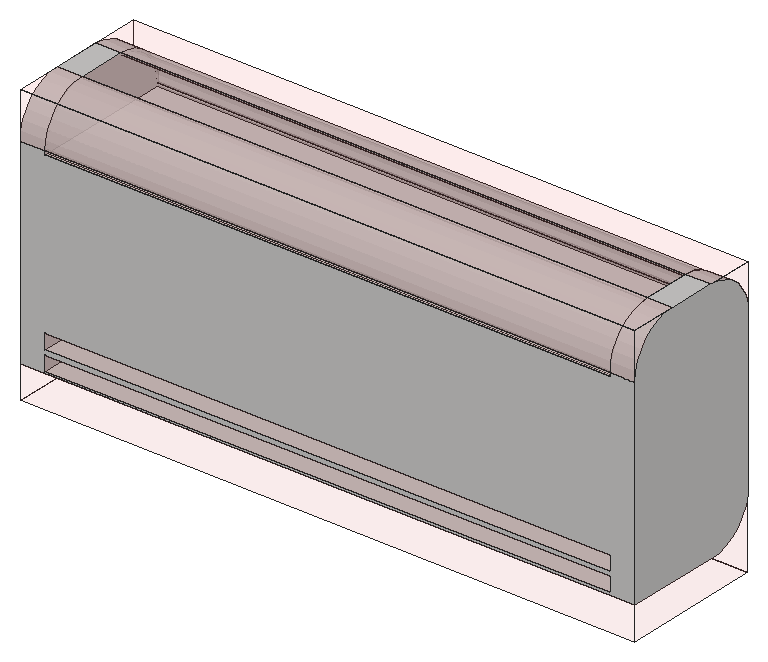
Revit family "Air-Curtain_Climate-Control_PoweredAire_EVE-Unheated", category Mechanical Equipment, host Face, Revit 2025
Family settings
  Host = Face
  Round Connector Dimension = Use Diameter
  Part Type = Normal
  OmniClass Number = 23.75.35.17.21
  OmniClass Title = Air Curtains
  Cut with Voids When Loaded = No
  Maintain Annotation Orientation = No
  Shared = No
  Room Calculation Point = No
Parameters
  Warranty Duration (Years) = 0
  Unit Width Notes = "Other Widths available."  # constant formula
  Unit Width = 3' - 1"
  Unit Weight = 59
  Unit Height = 0' - 8 1/2"  # constant formula
  Unit Depth = 1' - 2 205/256"  # constant formula
  URL = "http://www.poweredaire.com/"
  Test Data = ""
  Temperature Rise_Range = "27"
  Standards Conformance = "ETL  ;  Made in USA"
  Specification = "http://www.arcat.com/sdspecs/htm04/23_34_33pai.htm"
  SpecWizard = ""
  Sound Pressure = "53 dBA"
  Sales Information = "https://poweredaire.com/contact"
  Revision = ""
  Projection from Host [instance] = 0' - 2"
  Product Properties = ""
  Product Data = "http://www.arcat.com/arcatcos/cos47/arc47623.html"
  Power Rating = 0 W
  Outlet Volume_Range = "961 CFM"
  Outlet Velocity_Range = "1316 FPM"
  Nozzle Width = 2' - 11"
  Mounting Width = Unit Width - 0' 1"  # 3' - 0"
  Mounting Height [instance] = 3' - 6"
  Motor RPM = 1075
  Motor HP = 0.2
  Motor Count = 1
  Model = "EVE-1-36E"
  Max Height = 12' - 0"
  Manufacturer Website = "http://www.poweredaire.com/"
  Manufacturer Phone - Toll Free = "888-321-2473"
  Manufacturer Phone = "724-588-3305"
  Manufacturer Fax = "724-588-3371"
  Manufacturer Address = "109 Mortensen Rd.  Greenville, PA 16125"
  Manufacturer = "Powered Aire, Inc"
  Maintenance Schedule (Months) = 0
  Keynote = "23 34 33"
  Installation-Fabrication = ""
  Installation Phase = ""
  Include Clearance [instance] = yes
  Heating Element Load = 0 W
  HVAC_Temperature Rise [instance] = 0 °F
  HVAC_Outlet Volume [instance] = 0 CFM
  HVAC_Outlet Velocity Uniformity = 0.87
  HVAC_Outlet Velocity [instance] = 0 FPM
  Green Building-LEED = "http://www.arcat.com/green/clients/leed_data_47623.html"
  Front Grating Material [instance] = Metal - Steel - PoweredAire - Stainless 304 Perforated
  Frame Finish [instance] = Metal - Steel - PoweredAire - Stainless 304
  Expected Lifespan (Years) = 0
  Electrical_Wattage [instance] = Power Rating + Heating Element Load  # 0 W
  Electrical_Voltage [instance] = 0 V
  Electrical_Phase [instance] = 2
  Electrical_Frequency [instance] = 0 Hz
  Electrical_Amperage [instance] = 0 A
  Drawn By = ""
  Description = "Powered Aire Electrically Heated Climate Control Air Curtain - EVE-1-36E as Specified"
  Default Elevation = 0' - 0"  # constant formula
  Copyright = "©Arcat Inc."
  Construction Details = "http://www.arcat.com/details/powair/prod3336.html"
  Clearance_Top [instance] = 0' - 0"
  Clearance_Side B [instance] = 0' - 0"
  Clearance_Side A [instance] = 0' - 0"
  Clearance_Intake [instance] = 0' - 0"
  Clearance_Bottom [instance] = 0' - 0"
  Clearance Material [instance] = ARCAT Clearance
  Building Codes = ""
  Available Options [instance] = "as Specified"
  Assembly Code = "D3090400"
Reference planes (in)
  plane 1 "Center (Elevation)": y = 0.13818
  plane 2: z = 0
  plane 3 "Center (Left/Right)": x = 0
  plane 4: y = 4.38818
  plane 5: y = -4.11182
  plane 6: x = -18.5
  plane 7: x = 18.5
  plane 8: z = 16.80078
  plane 9 "FF": y = -41.86182
  plane 10: z = 2
  plane 11: x = 17
  plane 12: x = -17
  plane 13 "CL-3": y = 4.38818
  plane 14 "CL-2": y = -4.11182
  plane 15: x = -18.5
  plane 16: x = 18.5
  plane 17 "CL-1": z = 16.80078
  plane 18: z = 13.80078
Forms (in)
  Extrusion 1, solid, material "Metal - Steel - PoweredAire - Stainless 304" <- "Frame Finish"
    sketch origin (0, 0, 0) x (0, 1, 0) y (0, 0, 1)
      loop
        line (-4.11182, 14) -> (-4.11182, 2) -> (1.58818, 2)
        arc (1.58818, 2) -> (3.56808, 2.8201) -> (4.38818, 4.8) r 2.8
        line (4.38818, 4.8) -> (4.38818, 14)
        arc (4.38818, 14) -> (3.56808, 15.9799) -> (1.58818, 16.8) r 2.8
        line (1.58818, 16.8) -> (-1.31182, 16.80078)
        arc (-1.31182, 16.80078) -> (-3.29172, 15.9799) -> (-4.11182, 14) r 2.8
    from 17 to 18.5
  Extrusion 2, solid, material "Metal - Steel - PoweredAire - Stainless 304 Perforated" <- "Front Grating Material"
    sketch origin (0, 0, 0) x (0, 1, 0) y (0, 0, 1)
      loop
        arc (-1.31182, 16.8) -> (-3.29172, 15.9799) -> (-4.11182, 14) r 2.8
        line (-4.11182, 14) -> (-4.11182, 13.80078) -> (-3.98682, 13.80078) -> (-3.98682, 14)
        arc (-3.98682, 14) -> (-3.20333, 15.89151) -> (-1.31182, 16.675) r 2.675
        line (-1.31182, 16.675) -> (1.58818, 16.67578)
        arc (1.58818, 16.67578) -> (3.47969, 15.89151) -> (4.26318, 14) r 2.675
        line (4.26318, 14) -> (4.26318, 13.80078) -> (4.38818, 13.80078) -> (4.38818, 14)
        arc (4.38818, 14) -> (3.56808, 15.9799) -> (1.58818, 16.8) r 2.8
        line (1.58818, 16.8) -> (-1.31182, 16.8)
    from -17 to 17
  Extrusion 3, solid, material "ARCAT Clearance" <- "Clearance Material", visible <- "Include Clearance"
    sketch origin (0, 0, 0) x (0, 1, 0) y (0, 0, 1)
      loop
        line (-4.11182, 16.80078) -> (-4.11182, 0) -> (4.38818, 0) -> (4.38818, 16.80078) -> (-4.11182, 16.80078)
    from -18.5 to 18.5
  Extrusion 4, solid, material "Metal - Steel - PoweredAire - Stainless 304" <- "Frame Finish"
    sketch origin (0, 0, 0) x (0, 1, 0) y (0, 0, 1)
      loop
        line (-4.11182, 14) -> (-4.11182, 2) -> (1.58818, 2)
        arc (1.58818, 2) -> (3.56808, 2.8201) -> (4.38818, 4.8) r 2.8
        line (4.38818, 4.8) -> (4.38818, 14)
        arc (4.38818, 14) -> (3.56808, 15.9799) -> (1.58818, 16.8) r 2.8
        line (1.58818, 16.8) -> (-1.31182, 16.80078)
        arc (-1.31182, 16.80078) -> (-3.29172, 15.9799) -> (-4.11182, 14) r 2.8
    from -18.5 to -17
  Extrusion 5, solid, material "Metal - Steel - PoweredAire - Stainless 304" <- "Frame Finish"
    sketch origin (0, 0, 0) x (0, 1, 0) y (0, 0, 1)
      loop
        line (-4.11182, 13.80078) -> (-4.11182, 4.2) -> (-1.86182, 4.2) -> (-1.86182, 3.2875) -> (-4.11182, 3.2875) -> (-4.11182, 3.0375) -> (-1.86182, 3.0375) -> (-1.86182, 2.125) -> (-4.11182, 2.125) -> (-4.11182, 2) -> (1.58818, 2)
        arc (1.58818, 2) -> (3.56808, 2.8201) -> (4.38818, 4.8) r 2.8
        line (4.38818, 4.8) -> (4.38818, 13.80078) -> (-4.11182, 13.80078)
    from -17 to 17
Cuts and joins
  joined: Extrusion 1, Extrusion 4, Extrusion 5
Dimensions and locks (in)
  equal spacing: plane 4, plane 1 "Center (Elevation)", plane 5
  "Unit Height": plane 4 to plane 5
  equal spacing: plane 6, plane 3 "Center (Left/Right)", plane 7
  "Unit Width": plane 6 to plane 7
  "Mounting Height": plane 1 "Center (Elevation)" to plane 9 "FF"
  "Projection from Host": plane 10 to level
  "Unit Depth": plane 8 to plane 10
  locked: plane 6 to plane 12 at 1.5
  locked: plane 11 to plane 7 at 1.5
  "Clearance_Side A": plane 7 to plane 16
  "Clearance_Side B": plane 15 to plane 6
  "Clearance_Top": plane 13 "CL-3" to plane 4
  "Clearance_Bottom": plane 5 to plane 14 "CL-2"
  "Clearance_Intake": plane 17 "CL-1" to plane 8
  locked: plane 8 to plane 18 at 3
  locked: Extrusion 2 sketch curve to plane 18 at 0.19922  (x2)
  locked: Extrusion 1 sketch curve to plane 18 at 0.19922  (x2)
  locked: Extrusion 4 sketch curve to plane 18 at 0.19922  (x2)
  locked: plane 5 to Extrusion 5 sketch curve at 2.25
  Extrusion 5 sketch curve to Extrusion 5 sketch curve to Extrusion 5 sketch curve to Extrusion 5 sketch curve to plane 10 = 0' - 0.9125" locked, 0' - 0 1/4" locked, 0' - 0.9125" locked, 0' - 0 1/8" locked
  locked: plane 8 to Extrusion 2 sketch curve at 0.125
  aligned and locked: plane 2 to host face
  aligned and locked: level to host face
  aligned and locked: plane 7 to Extrusion 1
  aligned and locked: Extrusion 1 to plane 11
  aligned and locked: plane 11 to Extrusion 2
  aligned and locked: Extrusion 2 to plane 12
  aligned and locked: Extrusion 3 sketch curve to plane 17 "CL-1"
  aligned and locked: plane 14 "CL-2" to Extrusion 3 sketch curve
  aligned and locked: level to Extrusion 3 sketch curve
  aligned and locked: Extrusion 3 sketch curve to plane 13 "CL-3"
  aligned and locked: plane 16 to Extrusion 3
  aligned and locked: Extrusion 3 to plane 15
  aligned and locked: plane 12 to Extrusion 4
  aligned and locked: Extrusion 4 to plane 6
  aligned and locked: Extrusion 2 sketch curve to plane 18  (x2)
  aligned and locked: Extrusion 4 sketch curve to plane 10
  aligned and locked: Extrusion 1 sketch curve to plane 10
  aligned and locked: Extrusion 5 sketch curve to plane 18
  aligned and locked: Extrusion 5 sketch curve to plane 10
  aligned and locked: Extrusion 5 to plane 12
  aligned and locked: plane 11 to Extrusion 5
  aligned and locked: plane 8 to Extrusion 1 sketch curve
  aligned and locked: plane 8 to Extrusion 4 sketch curve
  aligned and locked: plane 8 to Extrusion 2 sketch curve
  aligned and locked: Extrusion 5 sketch curve to plane 5  (x2)
  aligned and locked: plane 5 to Extrusion 5 sketch curve
  aligned and locked: plane 4 to Extrusion 1 sketch curve
  aligned and locked: plane 4 to Extrusion 2 sketch curve
  aligned and locked: Extrusion 5 sketch curve to plane 4
Automatic sketch dimensions
  host sketch curve to host sketch curve = 8' - 0"  (x2)
  plane 5 to Extrusion 1 sketch curve = 0' - 2.8"
  plane 1 "Center (Elevation)" to Extrusion 1 sketch curve = 0' - 1.45"
  Extrusion 1 sketch curve to plane 1 "Center (Elevation)" = 0' - 1.45"  (x2)
  Extrusion 1 sketch curve to Extrusion 1 sketch curve = 0' - 0"
  Extrusion 1 sketch curve to plane 5 = 0' - 0"
  Extrusion 4 sketch curve to plane 5 = 0' - 0"
  Extrusion 4 sketch curve to plane 4 = 0' - 0"
  plane 1 "Center (Elevation)" to Extrusion 4 sketch curve = 0' - 1.45"
  Extrusion 4 sketch curve to plane 1 "Center (Elevation)" = 0' - 1.45"  (x2)
  Extrusion 4 sketch curve to Extrusion 4 sketch curve = 0' - 0"  (x2)
  Extrusion 2 sketch curve to plane 4 = 0' - 2.8"
  Extrusion 2 sketch curve to plane 1 "Center (Elevation)" = 0' - 1.45"
  Extrusion 2 sketch curve to Extrusion 2 sketch curve = 0' - 0"  (x6)
  plane 5 to Extrusion 2 sketch curve = 0' - 0 1/8"
  Extrusion 2 sketch curve to plane 4 = 0' - 0 1/8"
  plane 5 to Extrusion 2 sketch curve = 0' - 2.8"
  Extrusion 2 sketch curve to plane 5 = 0' - 0"
  Extrusion 5 sketch curve to Extrusion 5 sketch curve = 0' - 0"
  Extrusion 5 sketch curve to plane 1 "Center (Elevation)" = 0' - 1.45"
  Extrusion 2 sketch curve to Extrusion 2 sketch curve = 0' - 0.00078"
Connectors (in)
  electrical at (-18.5, 0.34532, 10.05725), driven by "Electrical_Voltage", driven by "Electrical_Phase"
    settings: on cut or joined group of Extrusion 1, Extrusion 4, Extrusion 5, index 1, voltage 0 V, apparent load 0 VA, apparent load phase1 0 VA, apparent load phase2 0 VA, apparent load phase3 0 VA, power factor 1, load classification "Other", number of poles 2, system type 31, power factor state 1, is connector primary yes, connector utility no, sub classification motor no, connector description "Power Connector"
